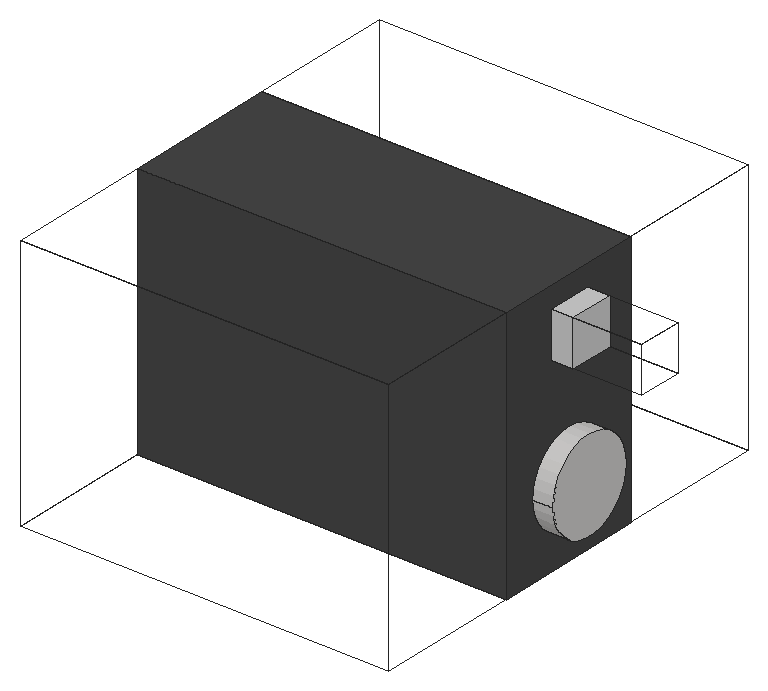
Revit family "Block 600-1600", category Оборудование, Revit 2019
Family settings
  Размер круглого соединителя = Использовать диаметр
  Классификация = Нет
  Тип детали = Нормальный
  На основе рабочей плоскости = Нет
  Всегда вертикально = Да
  При загрузке вырезать с полостями = Нет
  Общий = Нет
  Точка расчета площади = Нет
Parameters (values of type "Block 600")
  Угол УГО = atan(ВВ_толщ * 2 / ВВ_Dn)  # 24.2277°
  СЗ правый [instance] = yes
  СЗ левый [instance] = yes
  СЗ КА [instance] = yes
  СЗ = 320 mm
  Кол-во вентиляторов = "1"
  КА_ширина = 100 mm  # constant formula
  КА_y = 45 mm  # constant formula
  КА_толщина = 50 mm  # constant formula
  КА_высота = 100 mm  # constant formula
  ВВ_толщ = 45 mm  # constant formula
  ВВ_У = 165 mm
  ВВ_Dn = 200 mm
  C1 высота = 560 mm
  B1 глубина = 340 mm
  ADSK_Ток = 0.7 A
  ADSK_Свободный напор воздуха = 0.0 Pa
  ADSK_Расход воздуха [instance] = 600.0 m³/h
  ADSK_Номинальная мощность = 160 W
  ADSK_Напряжение = 220 V  # constant formula
  ADSK_Наименование = "Канальный очиститель с высокой степенью фильтрации Block"  # constant formula
  ADSK_Масса = 0
  ADSK_Марка = "Block 600"
  ADSK_Количество фаз = 1  # constant formula
  ADSK_Количество [instance] = 1  # constant formula
  ADSK_Код изделия = ""
  ADSK_Завод-изготовитель = "ООО «Турков»"  # constant formula
  ADSK_Единица измерения = "шт."  # constant formula
  A1 длина = 805 mm
Types (3, lengths in mm): name | Угол УГО | СЗ | ВВ_У | ВВ_Dn | C1 высота | B1 глубина | ADSK_Ток | ADSK_Свободный напор воздуха | ADSK_Расход воздуха | ADSK_Номинальная мощность | ADSK_Марка | A1 длина
  Block 600 | 24.2277° | 320 | 165 | 200 | 560 | 340 | 0.7 A | 0.0 Pa | 600.0 m³/h | 160 W | "Block 600" | 805
  Block 1100 | 19.7989° | 400 | 225 | 250 | 660 | 390 | 2.3 A | 140.0 Pa | 1100.0 m³/h | 500 W | "Block 1100" | 1085
  Block 1600 | 15.9454° | 500 | 250 | 315 | 660 | 440 | 3.4 A | 522.0 Pa | 1600.0 m³/h | 750 W | "Block 1600" | 1085
Reference planes
  plane 1 "По центру (Вперед/Назад)": y = 0
  plane 2: z = 0
  plane 3 "По центру (Влево/Вправо)": x = 0
  plane 4: y = 170
  plane 5: x = 402.5
  plane 6: y = -170
  plane 7: x = -402.5
  plane 8: z = 560
  plane 9: x = -447.5
  plane 10: x = 447.5
  plane 11: y = 490
  plane 12: y = -490
Forms (mm)
  Extrusion 1, solid, material "Сталь, окрашенная, темно-серая, матовая", detail levels medium+fine
    sketch origin (0, 0, 0) x (1, 0, 0) y (0, 1, 0)
      loop
        line (-402.5, 170) -> (-402.5, -170) -> (402.5, -170) -> (402.5, 170) -> (-402.5, 170)
    from 0 to 560
  Extrusion 2, solid, material "Сталь, Оцинкованная", detail levels medium+fine
    sketch origin (-402.5, 1141.925, 1200) x (0, 1, 0) y (0, 0, 1)
      loop
        circle (-1141.925, -1035) r 100
    from 0 to -45
  Extrusion 3, solid, material "Сталь, Оцинкованная", detail levels medium+fine
    sketch origin (402.5, 1141.925, 1200) x (0, 1, 0) y (0, 0, 1)
      loop
        circle (-1141.925, -1035) r 100
    from 0 to 45
  Extrusion 4, solid, material "Сервисная зона", visible <- "СЗ левый", detail levels medium+fine
    sketch origin (-870.289, 170, 1200) x (-1, 0, 0) y (0, 0, 1)
      loop
        line (-467.789, -640) -> (-1272.789, -640) -> (-1272.789, -1200) -> (-467.789, -1200) -> (-467.789, -640)
    from 0 to 320
  Extrusion 5, solid, material "Сервисная зона", visible <- "СЗ правый", detail levels medium+fine
    sketch origin (-870.289, -170, 1200) x (-1, 0, 0) y (0, 0, 1)
      loop
        line (-467.789, -640) -> (-1272.789, -640) -> (-1272.789, -1200) -> (-467.789, -1200) -> (-467.789, -640)
    from 0 to -320
  Extrusion 6, solid, material "Пластмасса, непрозрачная, белая", detail levels medium+fine
    sketch origin (402.5, 1141.925, 1200) x (0, 1, 0) y (0, 0, 1)
      loop
        line (-1191.925, -685) -> (-1191.925, -785) -> (-1091.925, -785) -> (-1091.925, -685) -> (-1191.925, -685)
    from 0 to 50 <- "КА_толщина"
  Extrusion 7, solid, material "Сервисная зона", visible <- "СЗ КА", detail levels medium+fine
    sketch origin (452.5, 1141.925, 1200) x (0, 1, 0) y (0, 0, 1)
      loop
        line (-1191.925, -685) -> (-1191.925, -785) -> (-1091.925, -785) -> (-1091.925, -685) -> (-1191.925, -685)
    from 0 to 150
Lines and regions (mm)
  model lines, style "УГО"
    curve 1: line (-402.5, 0, 560) -> (402.5, 0, 560)
    curve 2: line (-402.5, 0, 0) -> (-402.5, 0, 560)
    curve 3: line (402.5, 0, 0) -> (-402.5, 0, 0)
    curve 4: line (402.5, 0, 560) -> (402.5, 0, 0)
    curve 5: line (-447.5, 0, 265) -> (-402.5, 0, 165)
    curve 6: line (-402.5, 0, 165) -> (-447.5, 0, 65)
    curve 7: line (-447.5, 0, 65) -> (-447.5, 0, 265)
    curve 8: line (447.5, 0, 165) -> (402.5, 0, 265)
    curve 9: line (447.5, 0, 165) -> (402.5, 0, 65)
    curve 10: line (-366.152, 0, 306.57) -> (-228.872, 0, 306.57)
    curve 11: line (-366.152, 0, 23.43) -> (-366.152, 0, 306.57)
    curve 12: line (-228.872, 0, 23.43) -> (-366.152, 0, 23.43)
    curve 13: line (-228.872, 0, 306.57) -> (-87.302, 0, 306.57)
    curve 14: line (-228.872, 0, 23.43) -> (-228.872, 0, 306.57)
    curve 15: line (-87.302, 0, 23.43) -> (-228.872, 0, 23.43)
    curve 16: circle (299.848, 0, 165) r 85.8 normal (0, -1, 0)
    curve 24: line (-228.872, 0, 212.19) -> (-134.492, 0, 212.19)
    curve 25: line (-228.872, 0, 117.81) -> (-134.492, 0, 117.81)
    curve 26: line (-366.152, 0, 212.19) -> (-228.872, 0, 165)
    curve 27: line (-366.152, 0, 117.81) -> (-228.872, 0, 165)
    curve 28: line (-366.152, 0, 306.57) -> (-228.872, 0, 259.38)
    curve 29: line (-366.152, 0, 212.19) -> (-228.872, 0, 259.38)
    curve 30: line (-366.152, 0, 117.81) -> (-228.872, 0, 70.62)
    curve 31: line (-366.152, 0, 23.43) -> (-228.872, 0, 70.62)
    curve 32: arc (-134.492, 0, 306.57) -> (-87.302, 0, 259.38) -> (-134.492, 0, 212.19) r 47.19
    curve 33: arc (-134.492, 0, 212.19) -> (-87.302, 0, 165) -> (-134.492, 0, 117.81) r 47.19
    curve 34: arc (-134.492, 0, 117.81) -> (-87.302, 0, 70.62) -> (-134.492, 0, 23.43) r 47.19
    curve 46: line (385.648, 0, 165) -> (256.948, 0, 239.305)
    curve 47: line (256.948, 0, 239.305) -> (256.948, 0, 90.695)
    curve 48: line (256.948, 0, 90.695) -> (385.648, 0, 165)
    curve 49: line (-87.302, 0, 306.57) -> (54.268, 0, 306.57)
    curve 50: line (54.268, 0, 23.43) -> (-87.302, 0, 23.43)
    curve 51: line (-87.302, 0, 212.19) -> (7.078, 0, 212.19)
    curve 52: line (-87.302, 0, 117.81) -> (7.078, 0, 117.81)
    curve 53: arc (7.078, 0, 306.57) -> (54.268, 0, 259.38) -> (7.078, 0, 212.19) r 47.19
    curve 54: arc (7.078, 0, 212.19) -> (54.268, 0, 165) -> (7.078, 0, 117.81) r 47.19
    curve 55: arc (7.078, 0, 117.81) -> (54.268, 0, 70.62) -> (7.078, 0, 23.43) r 47.19
    curve 56: line (54.268, 0, 306.57) -> (191.548, 0, 306.57)
    curve 57: line (54.268, 0, 23.43) -> (54.268, 0, 306.57)
    curve 58: line (191.548, 0, 23.43) -> (54.268, 0, 23.43)
    curve 59: line (191.548, 0, 23.43) -> (191.548, 0, 306.57)
    curve 60: line (-87.302, 0, 23.43) -> (-87.302, 0, 306.57)
    curve 61: line (167.953, 0, 259.38) -> (77.863, 0, 259.38)
    curve 62: line (77.863, 0, 212.19) -> (167.953, 0, 212.19)
    curve 63: line (77.863, 0, 165) -> (167.953, 0, 165)
    curve 64: line (77.863, 0, 117.81) -> (167.953, 0, 117.81)
    curve 65: line (77.863, 0, 70.62) -> (167.953, 0, 70.62)
    curve 66: arc (167.953, 0, 259.38) -> (191.548, 0, 282.975) -> (167.953, 0, 306.57) r 23.595
    curve 67: arc (77.863, 0, 212.19) -> (54.268, 0, 235.785) -> (77.863, 0, 259.38) r 23.595
    curve 68: arc (167.953, 0, 212.19) -> (191.548, 0, 188.595) -> (167.953, 0, 165) r 23.595
    curve 69: arc (77.863, 0, 165) -> (54.268, 0, 141.405) -> (77.863, 0, 117.81) r 23.595
    curve 70: arc (167.953, 0, 117.81) -> (191.548, 0, 94.215) -> (167.953, 0, 70.62) r 23.595
    curve 71: arc (77.863, 0, 70.62) -> (54.268, 0, 47.025) -> (77.863, 0, 23.43) r 23.595
    curve 72: line (214.048, 0, 165) -> (191.548, 0, 165)
    curve 106: line (-402.5, 0, 165) -> (-388.209, 0, 165)
    curve 107: line (385.648, 0, 165) -> (402.5, 0, 165)
    curve 108: line (-402.5, 0, 560) -> (402.5, 0, 560)
    curve 109: line (-402.5, 0, 0) -> (-402.5, 0, 560)
    curve 110: line (402.5, 0, 0) -> (-402.5, 0, 0)
    curve 111: line (402.5, 0, 560) -> (402.5, 0, 0)
    curve 112: line (-366.152, 0, 165) -> (-388.209, 0, 165)
  model lines, style "УГО", not visible
    curve 17: line (-433.833, 0, 433.375) -> (-296.553, 0, 433.375)
    curve 18: line (-433.833, 0, 150.235) -> (-433.833, 0, 433.375)
    curve 19: line (-296.553, 0, 150.235) -> (-433.833, 0, 150.235)
    curve 20: line (-296.553, 0, 433.375) -> (-154.983, 0, 433.375)
    curve 21: line (-296.553, 0, 150.235) -> (-296.553, 0, 433.375)
    curve 22: line (-154.983, 0, 150.235) -> (-296.553, 0, 150.235)
    curve 23: circle (232.167, 0, 291.805) r 85.8 normal (0, -1, 0)
    curve 35: line (-296.553, 0, 338.995) -> (-202.173, 0, 338.995)
    curve 36: line (-296.553, 0, 244.615) -> (-202.173, 0, 244.615)
    curve 37: line (-433.833, 0, 338.995) -> (-296.553, 0, 291.805)
    curve 38: line (-433.833, 0, 244.615) -> (-296.553, 0, 291.805)
    curve 39: line (-433.833, 0, 433.375) -> (-296.553, 0, 386.185)
    curve 40: line (-433.833, 0, 338.995) -> (-296.553, 0, 386.185)
    curve 41: line (-433.833, 0, 244.615) -> (-296.553, 0, 197.425)
    curve 42: line (-433.833, 0, 150.235) -> (-296.553, 0, 197.425)
    curve 43: arc (-202.173, 0, 433.375) -> (-154.983, 0, 386.185) -> (-202.173, 0, 338.995) r 47.19
    curve 44: arc (-202.173, 0, 338.995) -> (-154.983, 0, 291.805) -> (-202.173, 0, 244.615) r 47.19
    curve 45: arc (-202.173, 0, 244.615) -> (-154.983, 0, 197.425) -> (-202.173, 0, 150.235) r 47.19
    curve 76: line (317.967, 0, 291.805) -> (189.267, 0, 366.11)
    curve 77: line (189.267, 0, 366.11) -> (189.267, 0, 217.5)
    curve 78: line (189.267, 0, 217.5) -> (317.967, 0, 291.805)
    curve 79: line (-154.983, 0, 433.375) -> (-13.413, 0, 433.375)
    curve 80: line (-13.413, 0, 150.235) -> (-154.983, 0, 150.235)
    curve 81: line (-154.983, 0, 338.995) -> (-60.603, 0, 338.995)
    curve 82: line (-154.983, 0, 244.615) -> (-60.603, 0, 244.615)
    curve 83: arc (-60.603, 0, 433.375) -> (-13.413, 0, 386.185) -> (-60.603, 0, 338.995) r 47.19
    curve 84: arc (-60.603, 0, 338.995) -> (-13.413, 0, 291.805) -> (-60.603, 0, 244.615) r 47.19
    curve 85: arc (-60.603, 0, 244.615) -> (-13.413, 0, 197.425) -> (-60.603, 0, 150.235) r 47.19
    curve 86: line (-13.413, 0, 433.375) -> (123.867, 0, 433.375)
    curve 87: line (-13.413, 0, 150.235) -> (-13.413, 0, 433.375)
    curve 88: line (123.867, 0, 150.235) -> (-13.413, 0, 150.235)
    curve 89: line (123.867, 0, 150.235) -> (123.867, 0, 433.375)
    curve 90: line (-154.983, 0, 150.235) -> (-154.983, 0, 433.375)
    curve 91: line (100.272, 0, 386.185) -> (10.182, 0, 386.185)
    curve 92: line (10.182, 0, 338.995) -> (100.272, 0, 338.995)
    curve 93: line (10.182, 0, 291.805) -> (100.272, 0, 291.805)
    curve 94: line (10.182, 0, 244.615) -> (100.272, 0, 244.615)
    curve 95: line (10.182, 0, 197.425) -> (100.272, 0, 197.425)
    curve 96: arc (100.272, 0, 386.185) -> (123.867, 0, 409.78) -> (100.272, 0, 433.375) r 23.595
    curve 97: arc (10.182, 0, 338.995) -> (-13.413, 0, 362.59) -> (10.182, 0, 386.185) r 23.595
    curve 98: arc (100.272, 0, 338.995) -> (123.867, 0, 315.4) -> (100.272, 0, 291.805) r 23.595
    curve 99: arc (10.182, 0, 291.805) -> (-13.413, 0, 268.21) -> (10.182, 0, 244.615) r 23.595
    curve 100: arc (100.272, 0, 244.615) -> (123.867, 0, 221.02) -> (100.272, 0, 197.425) r 23.595
    curve 101: arc (10.182, 0, 197.425) -> (-13.413, 0, 173.83) -> (10.182, 0, 150.235) r 23.595
    curve 102: line (146.367, 0, 291.805) -> (123.867, 0, 291.805)
    curve 113: line (-433.833, 0, 291.805) -> (-455.89, 0, 291.805)
  reference lines
    curve 73: line (-208.703, 0, 165) -> (-128.703, 0, 165)
    curve 74: line (-388.209, 0, 173.58) -> (-388.209, 0, 152.13)
    curve 75: line (385.648, 0, 175.725) -> (385.648, 0, 154.275)
  reference lines, not visible
    curve 103: line (-276.385, 0, 291.805) -> (-196.385, 0, 291.805)
    curve 104: line (-455.89, 0, 300.385) -> (-455.89, 0, 278.935)
    curve 105: line (317.967, 0, 302.53) -> (317.967, 0, 281.08)
Dimensions and locks
  equal spacing: plane 7, plane 3 "По центру (Влево/Вправо)", plane 5
  "A1 длина": plane 7 to plane 5
  equal spacing: plane 4, plane 1 "По центру (Вперед/Назад)", plane 6
  "B1 глубина": plane 4 to plane 6
  "C1 высота": plane 8 to plane 2
  "ВВ_толщ": plane 7 to plane 9
  "ВВ_толщ": plane 10 to plane 5
  "ВВ_У": Extrusion 2 sketch curve to plane 2
  "ВВ_У": Extrusion 3 sketch curve to plane 2
  "ВВ_У": curve 6 to plane 2
  "ВВ_Dn": curve 7 to curve 7
  "ВВ_Dn": curve 8 to curve 9
  "ВВ_У": curve 9 to plane 2
  "ВВ_У": curve 73 to plane 2
  "СЗ": plane 11 to plane 4
  "СЗ": plane 6 to plane 12
  equal spacing: Extrusion 6 sketch curve, plane 1 "По центру (Вперед/Назад)", Extrusion 6 sketch curve
  "КА_высота": Extrusion 6 sketch curve to Extrusion 6 sketch curve
  "КА_ширина": Extrusion 6 sketch curve to Extrusion 6 sketch curve
  "КА_y": plane 8 to Extrusion 6 sketch curve
  "ВВ_Dn": diameter of Extrusion 2 sketch curve
  "ВВ_Dn": diameter of Extrusion 3 sketch curve
  "Угол УГО": angle curve 7 to curve 5
  "Угол УГО": angle curve 6 to curve 7
  "Угол УГО": angle plane 5 to curve 8
  "Угол УГО": angle curve 9 to plane 5
  aligned and locked: level to plane 2
  aligned and locked: plane 7 to Extrusion 1 sketch curve
  aligned and locked: plane 6 to Extrusion 1 sketch curve
  aligned and locked: Extrusion 1 sketch curve to plane 5
  aligned and locked: Extrusion 1 sketch curve to plane 4
  aligned and locked: plane 8 to Extrusion 1
  aligned and locked: Extrusion 2 to plane 9
  aligned and locked: plane 1 "По центру (Вперед/Назад)" to Extrusion 3 sketch curve
  aligned and locked: plane 10 to Extrusion 3
  aligned and locked: plane 1 "По центру (Вперед/Назад)" to Extrusion 2 sketch curve
  aligned and locked: plane 7 to curve 2
  aligned and locked: curve 4 to plane 5
  aligned and locked: plane 9 to curve 7
  aligned and locked: plane 5 to curve 8
  aligned and locked: curve 75 to curve 107
  aligned and locked: curve 74 to curve 106
  aligned and locked: plane 7 to curve 106
  aligned and locked: curve 73 to curve 107
  aligned and locked: curve 108 to plane 8
  aligned and locked: plane 2 to curve 110
  aligned and locked: curve 106 to curve 73
  aligned and locked: plane 7 to Extrusion 4 sketch curve
  aligned and locked: Extrusion 4 sketch curve to plane 8
  aligned and locked: Extrusion 4 sketch curve to plane 5
  aligned and locked: plane 2 to Extrusion 4 sketch curve
  aligned and locked: plane 11 to Extrusion 4
  aligned and locked: plane 7 to Extrusion 5 sketch curve
  aligned and locked: Extrusion 5 sketch curve to plane 8
  aligned and locked: Extrusion 5 sketch curve to plane 5
  aligned and locked: plane 2 to Extrusion 5 sketch curve
  aligned and locked: Extrusion 5 to plane 12
  aligned and locked: Extrusion 7 sketch curve to Extrusion 6  (x4)
  aligned and locked: Extrusion 7 to Extrusion 6
Automatic sketch dimensions
  curve 11 to curve 15 = 137.28 mm
  curve 25 to curve 25 = 94.38 mm
  curve 32 to curve 60 = 47.19 mm
  curve 52 to curve 54 = 94.38 mm
  curve 53 to curve 56 = 47.19 mm
  curve 51 to curve 67 = 70.785 mm
  curve 67 to curve 69 = 0 mm
  curve 64 to curve 65 = 0 mm
  curve 69 to curve 68 = 90.09 mm
  curve 68 to curve 64 = 0 mm
  curve 66 to curve 62 = 0 mm
  curve 58 to curve 47 = 65.4 mm
  curve 47 to curve 16 = 42.9 mm
  curve 16 to curve 48 = 85.8 mm
  curve 71 to curve 71 = 23.595 mm
  curve 34 to curve 34 = 47.19 mm
  curve 55 to curve 55 = 47.19 mm
  curve 12 to curve 31 = 47.19 mm
  curve 58 to curve 47 = 67.265 mm
  curve 65 to curve 70 = 23.595 mm
  curve 69 to curve 69 = 23.595 mm
  curve 34 to curve 33 = 47.19 mm
  curve 46 to curve 16 = 0 mm
  curve 25 to curve 26 = 47.19 mm
  curve 55 to curve 54 = 47.19 mm
  curve 63 to curve 68 = 23.595 mm
  curve 26 to curve 24 = 0 mm
  curve 62 to curve 67 = 23.595 mm
  curve 24 to curve 29 = 47.19 mm
  curve 24 to curve 32 = 47.19 mm
  curve 68 to curve 72 = 23.595 mm
  curve 11 to curve 30 = 94.38 mm
  curve 27 to curve 30 = 0 mm
  curve 47 to curve 72 = 74.305 mm
  curve 18 to curve 22 = 137.28 mm
  curve 36 to curve 36 = 94.38 mm
  curve 43 to curve 90 = 47.19 mm
  curve 82 to curve 84 = 94.38 mm
  curve 83 to curve 86 = 47.19 mm
  curve 81 to curve 97 = 70.785 mm
  curve 97 to curve 99 = 0 mm
  curve 94 to curve 95 = 0 mm
  curve 99 to curve 98 = 90.09 mm
  curve 98 to curve 94 = 0 mm
  curve 96 to curve 92 = 0 mm
  curve 88 to curve 77 = 65.4 mm
  curve 77 to curve 23 = 42.9 mm
  curve 23 to curve 78 = 85.8 mm
  curve 101 to curve 101 = 23.595 mm
  curve 45 to curve 45 = 47.19 mm
  curve 85 to curve 85 = 47.19 mm
  curve 19 to curve 42 = 47.19 mm
  curve 88 to curve 77 = 67.265 mm
  curve 95 to curve 100 = 23.595 mm
  curve 99 to curve 99 = 23.595 mm
  curve 45 to curve 44 = 47.19 mm
  curve 76 to curve 23 = 0 mm
  curve 36 to curve 37 = 47.19 mm
  curve 85 to curve 84 = 47.19 mm
  curve 93 to curve 98 = 23.595 mm
  curve 37 to curve 35 = 0 mm
  curve 92 to curve 97 = 23.595 mm
  curve 35 to curve 40 = 47.19 mm
  curve 35 to curve 43 = 47.19 mm
  curve 98 to curve 102 = 23.595 mm
  curve 18 to curve 41 = 94.38 mm
  curve 38 to curve 41 = 0 mm
  curve 77 to curve 102 = 74.305 mm
  curve 74 to curve 73 = 179.506 mm
  curve 73 to curve 73 = 80 mm
  curve 73 to curve 75 = 514.352 mm
  curve 74 to curve 75 = 2.145 mm
  curve 75 to curve 73 = 10.725 mm
  curve 75 to curve 75 = 21.45 mm
  curve 74 to curve 74 = 21.45 mm
  curve 104 to curve 103 = 179.506 mm
  curve 103 to curve 103 = 80 mm
  curve 103 to curve 105 = 514.352 mm
  curve 104 to curve 105 = 2.145 mm
  curve 105 to curve 103 = 10.725 mm
  curve 105 to curve 105 = 21.45 mm
  curve 104 to curve 104 = 21.45 mm
  curve 112 to curve 112 = 22.057 mm
  curve 30 to curve 112 = 47.19 mm
  curve 113 to curve 113 = 22.057 mm
  curve 41 to curve 113 = 47.19 mm
Connectors
  hvac at (-447.5, 0, 165), driven by "ВВ_Dn"
    settings: on Extrusion 2, index 1, duct flow 0.0 m³/h, flow factor 0, pres drop 0.0 Pa, loss coef 0, conn angle 0.00°, conn width 304.8 mm, conn height 304.8 mm, conn diameter 200 mm, duct sys type 29, conn prof type 0, flow config 0, flow direction 1, loss method 0, conn ref index 2, conn util no, is conn primary yes, conn desc ""
  hvac at (447.5, 0, 165), driven by "ВВ_Dn"
    settings: on Extrusion 3, index 2, duct flow 0.0 m³/h, flow factor 0, pres drop 0.0 Pa, loss coef 0, conn angle 0.00°, conn width 304.8 mm, conn height 304.8 mm, conn diameter 200 mm, duct sys type 29, conn prof type 0, flow config 0, flow direction 2, loss method 0, conn ref index 1, conn util no, is conn primary no, conn desc ""
  electrical at (427.5, 0, 515)
    settings: on Extrusion 6, index 3, voltage 0 V, apparent load 0 VA, apparent load phase1 0 VA, apparent load phase2 0 VA, apparent load phase3 0 VA, power factor 1, load classification "Прочее", number of poles 1, system type 14, power factor state 1, is connector primary yes, connector utility no, sub classification motor no, connector description ""
